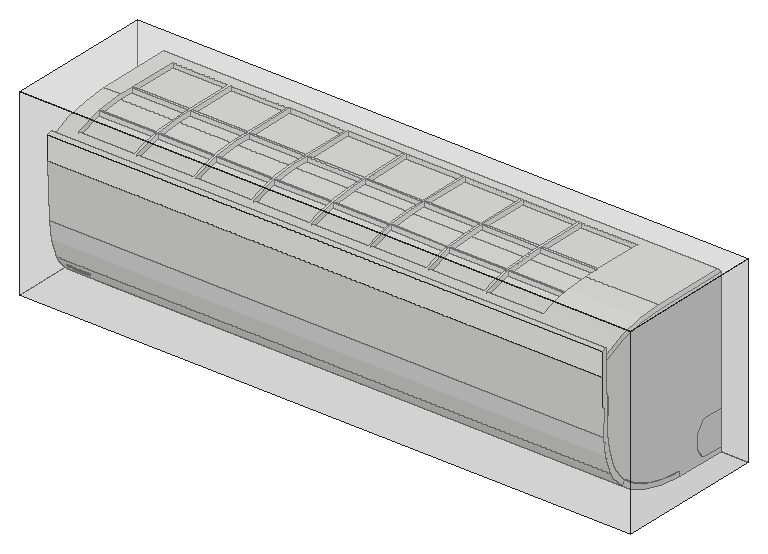
Revit family "outputfile", category 機械設備, Revit 2024
Family settings
  丸型コネクタ寸法 = 半径を使用
  パーツ タイプ = 標準
  OmniClass 番号 = 23.75.10.24.21.27.27
  OmniClass タイトル = Split System Air Conditioning Units
  作業面ベース = いいえ
  常に垂直 = はい
  ロード時にボイドで切り取り = いいえ
  注釈の向きを維持 = いいえ
  共有 = いいえ
  部屋計算ポイント = いいえ
Parameters (values of type "CTXF50TVMA")
  Description = ""
  書き出し IFC クラス(タイプ) = "IfcUnitaryEquipmentType"
  定義済み IFC タイプ(タイプ) = "AIRCONDITIONINGUNIT"
  Cost = 0
  Type Comments = ""
  Keynote = ""
  Type Image = (empty or 0)
  Assembly Code = ""
  w_wall hole = if(Width = 770.0 mm, 48.0 mm, 60.0 mm)  # 60.0 mm
  製造元 = "Daikin"
  モデル = "CTXF50TVMA"
  switch_frequency = yes
  r_Liquid Pipe Size = Liquid Pipe Size / 2  # 3.2 mm
  r_Gas Pipe Size = Gas Pipe Size / 2  # 6.35 mm
  r_Drain Pipe Size = Drain Pipe Size / 2  # 8.0 mm
  lw_powersupply [instance] = if(Width = 770.0 mm, if(or(Rear Right Connection_refrigerant, Bottom Right Connection_refrigerant), 25.0 mm, if(or(Rear Left Connection_refrigerant, Bottom Left Connection_refrigerant), 745.0 mm, 400.0 mm)), if(Width = 990.0 mm, if(or(Rear Right Connection_refrigerant, Bottom Right Connection_refrigerant), 40.0 mm, if(or(Rear Left Connection_refrigerant, Bottom Left Connection_refrigerant), 920.0 mm, 400.0 mm)), if(or(Rear Right Connection_refrigerant, Bottom Right Connection_refrigerant), 40.0 mm, if(or(Rear Left Connection_refrigerant, Bottom Left Connection_refrigerant), 920.0 mm, 400.0 mm))))  # 400.0 mm
  lw_liquidpipe [instance] = if(Width = 770.0 mm, if(or(Rear Right Connection_refrigerant, Bottom Right Connection_refrigerant), 0.0 mm, if(or(Rear Left Connection_refrigerant, Bottom Left Connection_refrigerant), 664.0 mm, 385.0 mm)), if(Width = 990.0 mm, if(or(Rear Right Connection_refrigerant, Bottom Right Connection_refrigerant), 0.0 mm, if(or(Rear Left Connection_refrigerant, Bottom Left Connection_refrigerant), 664.0 mm + (990.0 mm - 770.0 mm), 475.0 mm)), if(or(Rear Right Connection_refrigerant, Bottom Right Connection_refrigerant), 0.0 mm, if(or(Rear Left Connection_refrigerant, Bottom Left Connection_refrigerant), 664.0 mm + (990.0 mm - 770.0 mm), 475.0 mm))))  # 475.0 mm
  lw_gaspipe [instance] = if(Width = 770.0 mm, if(or(Rear Right Connection_refrigerant, Bottom Right Connection_refrigerant), 0.0 mm, if(or(Rear Left Connection_refrigerant, Bottom Left Connection_refrigerant), 675.0 mm, if(Gas Pipe Size = 12.7 mm, 335.0 mm, 335.0 mm))), if(Width = 990.0 mm, if(or(Rear Right Connection_refrigerant, Bottom Right Connection_refrigerant), 10.0 mm, if(or(Rear Left Connection_refrigerant, Bottom Left Connection_refrigerant), 890.0 mm, if(Gas Pipe Size = 15.9 mm, 400.0 mm, 400.0 mm))), if(or(Rear Right Connection_refrigerant, Bottom Right Connection_refrigerant), 10.0 mm, if(or(Rear Left Connection_refrigerant, Bottom Left Connection_refrigerant), 890.0 mm, if(Gas Pipe Size = 15.9 mm, 400.0 mm, 400.0 mm)))))  # 400.0 mm
  lw_drainpipe [instance] = if(Width = 770.0 mm, if(or(Rear Right Connection_refrigerant, Bottom Right Connection_refrigerant), 0.0 mm, if(or(Rear Left Connection_refrigerant, Bottom Left Connection_refrigerant), 770.0 mm - 48.0 mm - 48.0 mm, 440.0 mm)), if(Width = 990.0 mm, if(or(Rear Right Connection_refrigerant, Bottom Right Connection_refrigerant), 0.0 mm, if(or(Rear Left Connection_refrigerant, Bottom Left Connection_refrigerant), 675.0 mm + (990.0 mm - 770.0 mm), 435.0 mm)), if(or(Rear Right Connection_refrigerant, Bottom Right Connection_refrigerant), 0.0 mm, if(or(Rear Left Connection_refrigerant, Bottom Left Connection_refrigerant), 675.0 mm + (990.0 mm - 770.0 mm), 435.0 mm))))  # 435.0 mm
  l_powersupply_length [instance] = if(Width = 770.0 mm, if(Right Connection_refrigerant, 400.0 mm, if(Left Connection_refrigerant, 770.0 mm - 400.0 mm, if(or(Rear Left Connection_refrigerant, Rear Right Connection_refrigerant), 15.0 mm, 50.0 mm))), if(Width = 990.0 mm, if(Right Connection_refrigerant, 400.0 mm, if(Left Connection_refrigerant, 990.0 mm - 400.0 mm, if(or(Rear Left Connection_refrigerant, Rear Right Connection_refrigerant), 15.0 mm, 50.0 mm))), if(Right Connection_refrigerant, 400.0 mm, if(Left Connection_refrigerant, 990.0 mm - 400.0 mm, if(or(Rear Left Connection_refrigerant, Rear Right Connection_refrigerant), 15.0 mm, 50.0 mm)))))  # 400.0 mm
  l_liquidpipe_length [instance] = if(Width = 770.0 mm, if(Right Connection_refrigerant, 433.0 mm, if(Left Connection_refrigerant, 337.0 mm, if(or(Rear Left Connection_refrigerant, Rear Right Connection_refrigerant), 30.0 mm, 40.0 mm))), if(Width = 990.0 mm, if(Right Connection_refrigerant, 535.0 mm, if(Left Connection_refrigerant, 455.0 mm, if(or(Rear Left Connection_refrigerant, Rear Right Connection_refrigerant), 30.0 mm, 40.0 mm))), if(Right Connection_refrigerant, 535.0 mm, if(Left Connection_refrigerant, 455.0 mm, if(or(Rear Left Connection_refrigerant, Rear Right Connection_refrigerant), 30.0 mm, 40.0 mm)))))  # 535.0 mm
  l_gaspipe_length [instance] = if(Width = 770.0 mm, if(Right Connection_refrigerant, if(Gas Pipe Size = 12.7 mm, 383.0 mm, 383.0 mm), if(Left Connection_refrigerant, if(Gas Pipe Size = 12.7 mm, 770.0 mm - 383.0 mm, 770.0 mm - 383.0 mm), if(or(Rear Left Connection_refrigerant, Rear Right Connection_refrigerant), 40.0 mm, 50.0 mm))), if(Width = 990.0 mm, if(Right Connection_refrigerant, if(Gas Pipe Size = 15.9 mm, 460.0 mm, 460.0 mm), if(Left Connection_refrigerant, if(Gas Pipe Size = 15.9 mm, 990.0 mm - 460.0 mm, 990.0 mm - 460.0 mm), if(or(Rear Left Connection_refrigerant, Rear Right Connection_refrigerant), 40.0 mm, 50.0 mm))), if(Right Connection_refrigerant, if(Gas Pipe Size = 15.9 mm, 460.0 mm, 460.0 mm), if(Left Connection_refrigerant, if(Gas Pipe Size = 15.9 mm, 990.0 mm - 460.0 mm, 990.0 mm - 460.0 mm), if(or(Rear Left Connection_refrigerant, Rear Right Connection_refrigerant), 40.0 mm, 50.0 mm)))))  # 460.0 mm
  l_drainpipe_length [instance] = if(Width = 770.0 mm, if(Right Connection_refrigerant, 488.0 mm, if(Left Connection_refrigerant, 282.0 mm, if(or(Rear Left Connection_refrigerant, Rear Right Connection_refrigerant), 15.0 mm, 20.0 mm))), if(Width = 990.0 mm, if(Right Connection_refrigerant, 495.0 mm, if(Left Connection_refrigerant, 495.0 mm, if(or(Rear Left Connection_refrigerant, Rear Right Connection_refrigerant), 15.0 mm, 20.0 mm))), if(Right Connection_refrigerant, 495.0 mm, if(Left Connection_refrigerant, 495.0 mm, if(or(Rear Left Connection_refrigerant, Rear Right Connection_refrigerant), 15.0 mm, 20.0 mm)))))  # 495.0 mm
  h*** = 0.0 mm  # constant formula
  connector_voltage = Voltage_50Hz  # 230 V
  connector_powerinput = if([Power Input (Cooling)] > [Power Input (Heating)], [Power Input (Cooling)], [Power Input (Heating)])  # 0.000 kW
  connector_phase = Phase_50Hz  # 1
  angle_vertical [instance] = if(or(Bottom Left Connection_refrigerant, Bottom Right Connection_refrigerant), 0.00°, 90.00°)  # 90.00°
  angle_horizontal [instance] = if(Right Connection_refrigerant, 90.00°, if(Left Connection_refrigerant, -90.00°, if(or(Rear Left Connection_refrigerant, Rear Right Connection_refrigerant), 180.00°, 0.00°)))  # 90.00°
  Width = 990.0 mm
  Voltage_comment_50Hz = "220 - 240"
  Voltage_50Hz = 230 V
  Version = "ver.1.0"
  Unit Type = "Wall Mounted"
  Unit Mass Weight = 12.00 kg
  Unit Designation [instance] = ""
  Uniclass2015Version = "Products v1.30"
  Uniclass2015Title = "Split coil room air conditioning units"
  Uniclass2015Code = "Pr_70_65_03_86"
  URL = ""
  Total Heating Capacity [instance] = 0.000 kW
  Total Cooling Capacity [instance] = 0.000 kW
  Sound Pressure Level_M speed (dBA) = 40
  Sound Pressure Level_L speed (dBA) = 35
  Sound Pressure Level_H speed (dBA) = 45
  Sound Power Level_H speed (dB) = 0
  Series = "Multi Split_Fan Coil Unit"
  Sensible Cooling Capacity [instance] = 0.000 kW
  Refrigerant Type = "R32"
  Power Input (Heating) = 0.000 kW
  Power Input (Cooling) = 0.000 kW
  Phase_50Hz = 1
  Option Accessory 3 [instance] = ""
  Option Accessory 2 [instance] = ""
  Option Accessory 1 [instance] = ""
  Nominal Heating Capacity = 6.100 kW
  Nominal Cooling Capacity = 5.000 kW
  Minimum Circuit Amps_50Hz = 0.0 A
  Minimum Airflow = 720.00 m³/h
  Median Airflow = 924.00 m³/h
  Maximum Fuse Amps_50Hz = 0.0 A
  Maximum Airflow = 1120.00 m³/h
  Material_Casing = DAIKIN_PureWhite_Casing_indoorunit
  Load Classification = HVAC
  Liquid Pipe Size = 6.4 mm
  Link_Nested Family [instance] = ""
  IfcVersion = ""
  IfcExportType = "AIRCONDITIONINGUNIT"
  IfcExportAs = "IfcUnitaryEquipmentType"
  Height = 295.0 mm
  Heating Entering Wet Bulb Temperature [instance] = 0.00 °C
  Heating Entering Dry Bulb Temperature [instance] = 0.00 °C
  Heating Ambient Wet Bulb Temperature [instance] = 0.00 °C
  Heating Ambient Dry Bulb Temperature [instance] = 0.00 °C
  Heat Exchanger Type = "Cross Fin Coil"
  Gas Pipe Size = 12.7 mm
  Frequency_50Hz = 50 Hz
  Fan Type = "Cross Flow Fan"
  Fan Drive = "Direct Drive"
  FCU Tag No. [instance] = ""
  Drain Pipe Size = 16.0 mm
  Design Supply Airflow [instance] = 0.00 m³/h
  Depth = 263.0 mm
  既定の高さ = 0.0 mm
  Cooling Entering Wet Bulb Temperature [instance] = 0.00 °C
  Cooling Entering Dry Bulb Temperature [instance] = 0.00 °C
  Cooling Ambient Wet Bulb Temperature [instance] = 0.00 °C
  Cooling Ambient Dry Bulb Temperature [instance] = 0.00 °C
  Clearance visibility [instance] = yes
  Clearance Top = 30.0 mm
  Clearance Right = 50.0 mm
  Clearance Rear = 0.0 mm
  Clearance Left = 50.0 mm
  Clearance Front = 0.0 mm
  Clearance Bottom = 0.0 mm
  Bottom Right Connection_refrigerant [instance] = no
  Bottom Left Connection_refrigerant [instance] = no
  Rear Right Connection_refrigerant [instance] = no
  Rear Left Connection_refrigerant [instance] = no
  Right Connection_refrigerant [instance] = yes
  Left Connection_refrigerant [instance] = no
Reference planes
  plane 1 "Back": y = 0
  plane 2: z = 0
  plane 3 "Center (Left/Right)": x = 0
  plane 4 "Center (Front/Back)": y = -131.5
  plane 5 "Front": y = -263
  plane 6 "Left": x = -495
  plane 7 "Right": x = 495
  plane 8 "Top": z = 0
  plane 9 "Bottom": z = -295
  plane 10: x = -545
  plane 11: x = 545
  plane 12: y = 0
  plane 13: y = -263
  plane 14: z = 30
  plane 15: z = -295
  plane 16 "lw_Piping and Wiring intake": x = 435
  plane 17 "lw_gaspipe": x = 35
  plane 18 "lw_liquidpipe": x = -40
  plane 19 "lw_drainpipe": x = 0
  plane 20 "lh_drainpipe": z = -275
  plane 21 "lh_liquidpipe": z = -255
  plane 22 "lh_gaspipe": z = -245
  plane 23 "ld_drainpipe": y = -15
  plane 24 "ld_liquidpipe": y = -30
  plane 25 "ld_gaspipe": y = -40
  plane 26 "lw_powersupply": x = 95
Dimensions and locks
  equal spacing: plane 6 "Left", plane 3 "Center (Left/Right)", plane 7 "Right"
  "Width": plane 6 "Left" to plane 7 "Right"
  equal spacing: plane 5 "Front", plane 4 "Center (Front/Back)", plane 1 "Back"
  "Depth": plane 5 "Front" to plane 1 "Back"
  "Height": plane 8 "Top" to plane 9 "Bottom"
  "Clearance Rear": plane 12 to plane 1 "Back"
  "Clearance Front": plane 13 to plane 5 "Front"
  "Clearance Top": plane 14 to plane 8 "Top"
  "Clearance Bottom": plane 9 "Bottom" to plane 15
  "w_wall hole": plane 16 "lw_Piping and Wiring intake" to plane 7 "Right"
  "lw_gaspipe": plane 17 "lw_gaspipe" to plane 16 "lw_Piping and Wiring intake"
  "lw_liquidpipe": plane 18 "lw_liquidpipe" to plane 16 "lw_Piping and Wiring intake"
  "lw_drainpipe": plane 19 "lw_drainpipe" to plane 16 "lw_Piping and Wiring intake"
  locked: plane 20 "lh_drainpipe" to plane 9 "Bottom" at 20
  locked: plane 21 "lh_liquidpipe" to plane 9 "Bottom" at 40
  locked: plane 22 "lh_gaspipe" to plane 9 "Bottom" at 50
  locked: plane 23 "ld_drainpipe" to plane 1 "Back" at 15
  locked: plane 1 "Back" to plane 24 "ld_liquidpipe" at 30
  locked: plane 1 "Back" to plane 25 "ld_gaspipe" at 40
  "lw_powersupply": plane 26 "lw_powersupply" to plane 7 "Right"
  "Clearance Left": plane 10 to plane 6 "Left"
  "Clearance Right": plane 7 "Right" to plane 11
  aligned and locked: level to plane 2
  aligned and locked: plane 12 to nested 1
  aligned and locked: nested 1 to plane 13
  aligned and locked: plane 10 to nested 1
  aligned and locked: plane 11 to nested 1
  aligned and locked: plane 15 to nested 1
  aligned and locked: plane 14 to nested 1
  aligned and locked: plane 17 "lw_gaspipe" to nested 2
  aligned and locked: nested 2 to plane 25 "ld_gaspipe"
  aligned and locked: plane 18 "lw_liquidpipe" to nested 3
  aligned and locked: nested 3 to plane 24 "ld_liquidpipe"
  aligned and locked: plane 19 "lw_drainpipe" to nested 4
  aligned and locked: nested 4 to plane 23 "ld_drainpipe"
  aligned and locked: nested 5 to plane 23 "ld_drainpipe"
  aligned and locked: plane 26 "lw_powersupply" to nested 5
  aligned and locked: level to plane 8 "Top"
  aligned and locked: plane 3 "Center (Left/Right)" to nested 6
  aligned and locked: plane 1 "Back" to nested 6
  aligned and locked: plane 8 "Top" to nested 6
Nested families
  nested 1: "daikin_clearancespace" at (0, -131.5, -132.381), show <- "Clearance visibility", visible <- "Clearance visibility", Link_Nested Family <- "Link_Nested Family", type "daikin_clearancespace"
    with width 1090.0 mm, show yes, height 325.0 mm, depth 263.0 mm, Link_Nested Family ""
  nested 2: "daikin_connector_rotate3" at (35, -40, -245), angle_vertical <- "angle_vertical", angle_horizontal <- "angle_horizontal", length <- "l_gaspipe_length", radius <- "r_Gas Pipe Size", type "daikin_connector_rotate3"
    with show no, radius 6.35 mm, length 460.0 mm, angle_vertical 90.00°, angle_horizontal 90.00°
  nested 3: "daikin_connector_rotate3" at (-40, -30, -255), angle_vertical <- "angle_vertical", angle_horizontal <- "angle_horizontal", radius <- "r_Liquid Pipe Size", length <- "l_liquidpipe_length", type "daikin_connector_rotate3"
    with show no, radius 3.2 mm, length 535.0 mm, angle_vertical 90.00°, angle_horizontal 90.00°
  nested 4: "daikin_connector_rotate3" at (0, -15, -275), angle_vertical <- "angle_vertical", angle_horizontal <- "angle_horizontal", length <- "l_drainpipe_length", radius <- "r_Drain Pipe Size", type "daikin_connector_rotate3"
    with show no, radius 8.0 mm, length 495.0 mm, angle_vertical 90.00°, angle_horizontal 90.00°
  nested 5: "daikin_connector_rotate3" at (95, -15, -245), angle_vertical <- "angle_vertical", angle_horizontal <- "angle_horizontal", length <- "l_powersupply_length", type "daikin_connector_rotate3"
    with show no, radius 10.0 mm, length 400.0 mm, angle_vertical 90.00°, angle_horizontal 90.00°
  nested 6: "DAIKIN_indoorunit_CTXF-TVMA" at (-31, 0, 0), type "CTXF-TVMA"
    with switch_unit1_50 yes, switch_unit1_20-35 no, Width 990.0 mm, WALL HOLE-R 60.0 mm, WALL HOLE Size 80.0 mm, Height 295.0 mm
Connectors
  piping at (495, -40, -245), diameter 12.7, driven by "r_Gas Pipe Size"
    settings: on nested 2, index 1, connector inside diameter 609.6 mm, connector length 0.0 mm, flow factor 0, pipe flow 0.00 m³/h, pressure drop 0.0 Pa, fitting loss kfactor 0, connector angle 0.00°, fixture units 0, engagement length 0.0 mm, angle of deflection 0.00°, flow configuration 1, flow direction 2, fitting loss method 0, system type 29, joint type 0, gender type 0, connector reference index -1, connector utility 0, adjustable connector no, is connector primary yes, connector description "Refrigerant Gas Piping"
  piping at (495, -30, -255), diameter 6.4, driven by "r_Liquid Pipe Size"
    settings: on nested 3, index 2, connector inside diameter 609.6 mm, connector length 0.0 mm, flow factor 0, pipe flow 0.00 m³/h, pressure drop 0.0 Pa, fitting loss kfactor 0, connector angle 0.00°, fixture units 0, engagement length 0.0 mm, angle of deflection 0.00°, flow configuration 1, flow direction 1, fitting loss method 0, system type 29, joint type 0, gender type 0, connector reference index -1, connector utility 0, adjustable connector no, is connector primary no, connector description "Refrigerant Liquid Piping"
  piping at (495, -15, -275), diameter 16, driven by "r_Drain Pipe Size"
    settings: on nested 4, index 3, connector inside diameter 609.6 mm, connector length 0.0 mm, flow factor 0, pipe flow 0.00 m³/h, pressure drop 0.0 Pa, fitting loss kfactor 0, connector angle 0.00°, fixture units 0, engagement length 0.0 mm, angle of deflection 0.00°, flow configuration 1, flow direction 2, fitting loss method 4, system type 16, joint type 0, gender type 0, connector reference index -1, connector utility 0, adjustable connector no, is connector primary no, connector description "Condensate Drain Piping"
  electrical at (495, -15, -245), driven by "Load Classification", driven by "connector_phase", driven by "connector_powerinput", driven by "connector_voltage"
    settings: on nested 5, index 4, voltage 230 V, apparent load 0 VA, apparent load phase1 0 VA, apparent load phase2 0 VA, apparent load phase3 0 VA, power factor 1, load classification "HVAC", number of poles 1, system type 30, power factor state 1, is connector primary yes, connector utility no, sub classification motor no, connector description "Power Supply"
Definition of nested family "daikin_clearancespace"
  Parameters (values of type "daikin_clearancespace")
    Description = "daikin_clearancespace"
    width [instance] = 1823.963 mm
    show [instance] = yes
    material = none
    height [instance] = 1359.762 mm
    depth [instance] = 880.0 mm
    Default Elevation = 0.0 mm
    Link_Nested Family [instance] = ""
  Reference planes
    plane 1 "Center (Front/Back)": y = 0
    plane 2 "Center (Elevation)": z = -0.119
    plane 3 "Center (Left/Right)": x = 0
    plane 4: y = 440
    plane 5: y = -440
    plane 6 "Right": x = 911.982
    plane 7 "Left": x = -911.982
    plane 8 "Top": z = 679.762
    plane 9 "Bottom": z = -680
  Forms (mm)
    Extrusion 1, solid, material <- "material", visible <- "show"
      sketch origin (0, 0, 0) x (1, 0, 0) y (0, 1, 0)
        loop
          line (-911.982, 440) -> (-911.982, -440) -> (911.982, -440) -> (911.982, 440) -> (-911.982, 440)
      from -680 to 679.762
  Lines and regions (mm)
    symbolic lines, visible <- "show"
      curve 1: line (911.982, 440, 0) -> (-911.982, 440, 0)
      curve 2: line (-911.982, 440, 0) -> (-911.982, -440, 0)
      curve 3: line (-911.982, -440, 0) -> (911.982, -440, 0)
      curve 4: line (911.982, -440, 0) -> (911.982, 440, 0)
      curve 5: line (911.982, 0, 679.762) -> (-911.982, 0, 679.762)
      curve 6: line (911.982, 0, -680) -> (911.982, 0, 679.762)
      curve 7: line (-911.982, 0, -680) -> (911.982, 0, -680)
      curve 8: line (-911.982, 0, 679.762) -> (-911.982, 0, -680)
      curve 9: line (0, 440, 679.762) -> (0, -440, 679.762)
      curve 10: line (0, -440, 679.762) -> (0, -440, -680)
      curve 11: line (0, 440, -680) -> (0, 440, 679.762)
      curve 12: line (0, -440, -680) -> (0, 440, -680)
  Dimensions and locks
    "width": plane 7 "Left" to plane 6 "Right"
    "depth": plane 4 to plane 5
    "height": plane 8 "Top" to plane 9 "Bottom"
    equal spacing: plane 7 "Left", plane 3 "Center (Left/Right)", plane 6 "Right"
    equal spacing: plane 4, plane 1 "Center (Front/Back)", plane 5
    equal spacing: plane 8 "Top", plane 2 "Center (Elevation)", plane 9 "Bottom"
    aligned and locked: level to plane 2 "Center (Elevation)"
    aligned and locked: Extrusion 1 sketch curve to plane 4
    aligned and locked: plane 7 "Left" to Extrusion 1 sketch curve
    aligned and locked: Extrusion 1 sketch curve to plane 5
    aligned and locked: Extrusion 1 sketch curve to plane 6 "Right"
    aligned and locked: plane 8 "Top" to Extrusion 1
    aligned and locked: curve 1 to Extrusion 1
    aligned and locked: curve 2 to Extrusion 1
    aligned and locked: curve 3 to Extrusion 1
    aligned and locked: curve 4 to Extrusion 1
    aligned and locked: curve 5 to Extrusion 1
    aligned and locked: curve 6 to Extrusion 1
    aligned and locked: curve 7 to Extrusion 1
    aligned and locked: curve 8 to Extrusion 1
    aligned and locked: curve 9 to Extrusion 1
    aligned and locked: curve 10 to Extrusion 1
    aligned and locked: curve 11 to Extrusion 1
    aligned and locked: curve 12 to Extrusion 1
    aligned and locked: Extrusion 1 to plane 9 "Bottom"
Definition of nested family "DAIKIN_indoorunit_CTXF-TVMA"
  Parameters (values of type "CTXF-TVMA")
    switch_unit1_50 = Width = 990.0 mm  # no
    switch_unit1_20-35 = Width = 770.0 mm  # yes
    Width = 770.0 mm
    WALL HOLE-R = if(Width = 770.0 mm, 48.0 mm, 60.0 mm)  # 48.0 mm
    WALL HOLE Size = if(Width = 770.0 mm, 65.0 mm, 80.0 mm)  # 65.0 mm
    Material_Casing = none
    Height = if(Width = 770.0 mm, 285.0 mm, 295.0 mm)  # 285.0 mm
    Default Elevation = 0.0 mm
  Reference planes
    plane 1 "Center (Front/Back)": y = 0
    plane 2 "reference_level": z = 0
    plane 3 "Center (Left/Right)": x = 31
    plane 4: x = -354
    plane 5: x = 416
    plane 6: z = -285
  Forms (mm)
    Extrusion 1, solid, material <- "Material_Casing", visible <- "switch_unit1_20-35"
      sketch origin (29, 0, 0) x (0, 1, 0) y (0, 0, 1)
        loop
          line (-5, 0) -> (-98, 0)
          arc (-98, 0) -> (-157.611, -7.211) -> (-213.783, -28.427) r 250
          arc (-213.783, -28.427) -> (-213.842, -32.972) -> (-213.892, -37.516) r 2191
          arc (-213.892, -37.516) -> (-157.832, -15.495) -> (-98.07, -8) r 242
          line (-98.07, -8) -> (0, -8) -> (-5, 0)
      from -383 to 387
    Extrusion 2, solid, material <- "Material_Casing", visible <- "switch_unit1_20-35"
      sketch origin (416, 1296.25, 1200) x (0, 1, 0) y (0, 0, 1)
        loop
          line (-1472.998, -1446.91) -> (-1476.998, -1453.839)
          arc (-1476.998, -1453.839) -> (-1437.481, -1472.422) -> (-1395.25, -1483.538) r 240
          line (-1395.25, -1483.538) -> (-1395.25, -1475.422)
          arc (-1395.25, -1475.422) -> (-1435.407, -1464.663) -> (-1472.998, -1446.91) r 232
      from 0 to -47.5
    Extrusion 3, solid, material <- "Material_Casing", visible <- "switch_unit1_20-35"
      sketch origin (29, 0, 0) x (0, 1, 0) y (0, 0, 1)
        loop
          arc (-223, -60.455) -> (-222.414, -110.646) -> (-220.656, -160.81) r 2149.92
          arc (-220.656, -160.81) -> (-219.65, -174.299) -> (-217.853, -187.706) r 229.911
          arc (-217.853, -187.706) -> (-205.371, -223.594) -> (-181.517, -253.17) r 111
          line (-181.517, -253.17) -> (-177.429, -246.093)
          arc (-177.429, -246.093) -> (-198.77, -218.989) -> (-209.965, -186.36) r 103
          arc (-209.965, -186.36) -> (-211.681, -173.586) -> (-212.651, -160.735) r 221.844
          arc (-212.651, -160.735) -> (-214.739, -93.233) -> (-214.74, -25.699) r 2186.828
          arc (-214.74, -25.699) -> (-214.671, -21.467) -> (-214.594, -17.235) r 2192
          line (-214.594, -17.235) -> (-223, -19.961) -> (-223, -60.455)
      from -383 to 387
    Extrusion 4, solid, material <- "Material_Casing", visible <- "switch_unit1_20-35"
      sketch origin (29, 0, -20) x (0, 1, 0) y (0, 0, 1)
        loop
          line (0, -265) -> (0, 12) -> (-98.07, 12)
          arc (-98.07, 12) -> (-157.832, 4.505) -> (-213.892, -17.516) r 242
          arc (-213.892, -17.516) -> (-213.638, -79.114) -> (-211.653, -140.681) r 2191
          arc (-211.653, -140.681) -> (-210.685, -153.501) -> (-208.973, -166.243) r 221
          arc (-208.973, -166.243) -> (-197.471, -199.282) -> (-175.482, -226.491) r 102
          arc (-175.482, -226.491) -> (-138.004, -244.019) -> (-98, -254.579) r 231
          line (-98, -254.579) -> (-98, -265) -> (0, -265)
      from -383 to 387
    Extrusion 5, solid, material <- "Material_Casing", visible <- "switch_unit1_20-35"
      sketch origin (-354, 1296.25, 1200) x (0, 1, 0) y (0, 0, 1)
        loop
          line (-1472.998, -1446.91) -> (-1476.998, -1453.839)
          arc (-1476.998, -1453.839) -> (-1437.481, -1472.422) -> (-1395.25, -1483.538) r 240
          line (-1395.25, -1483.538) -> (-1395.25, -1475.422)
          arc (-1395.25, -1475.422) -> (-1435.407, -1464.663) -> (-1472.998, -1446.91) r 232
      from 47 to 0
    Extrusion 6, solid, material <- "Material_Casing", visible <- "switch_unit1_20-35"
      sketch origin (416, 1296.25, 1200) x (0, 1, 0) y (0, 0, 1)
        loop
          line (-1472.998, -1446.91) -> (-1476.998, -1453.839)
          arc (-1476.998, -1453.839) -> (-1443.437, -1470.168) -> (-1407.75, -1481.097) r 240
          line (-1407.75, -1481.097) -> (-1407.75, -1472.894)
          arc (-1407.75, -1472.894) -> (-1441.363, -1462.385) -> (-1472.998, -1446.91) r 232
      from -116.993 to -48.493
    Extrusion 7, solid, material <- "Material_Casing", visible <- "switch_unit1_20-35"
      sketch origin (416, 1296.25, 1200) x (0, 1, 0) y (0, 0, 1)
        loop
          line (-1472.998, -1446.91) -> (-1476.998, -1453.839)
          arc (-1476.998, -1453.839) -> (-1443.437, -1470.168) -> (-1407.75, -1481.097) r 240
          line (-1407.75, -1481.097) -> (-1407.75, -1472.894)
          arc (-1407.75, -1472.894) -> (-1441.363, -1462.385) -> (-1472.998, -1446.91) r 232
      from -717 to -121.993
    Extrusion 8, void
      sketch origin (31, 0, -235) x (1, 0, 0) y (0, 1, 0)
        loop
          line (-252.674, -22.316) -> (-354.941, -22.316) -> (-354.941, -91.341) -> (-252.674, -91.341) -> (-252.674, -22.316)
        loop
          line (-249.341, -91.341) -> (-151.574, -91.341) -> (-151.574, -22.316) -> (-249.341, -22.316) -> (-249.341, -91.341)
        loop
          line (58.309, -22.316) -> (-148.309, -22.316) -> (-148.309, -91.341) -> (58.309, -91.341) -> (58.309, -22.316)
        loop
          line (61.689, -22.316) -> (61.689, -91.341) -> (159.457, -91.341) -> (159.457, -22.316) -> (61.689, -22.316)
        loop
          line (162.789, -22.316) -> (162.789, -91.341) -> (265.057, -91.341) -> (265.057, -22.316) -> (162.789, -22.316)
        loop
          line (-354.941, -94.659) -> (-354.941, -165.259) -> (-252.674, -165.259) -> (-252.674, -94.659) -> (-354.941, -94.659)
        loop
          line (-249.341, -94.659) -> (-249.341, -165.259) -> (-151.574, -165.259) -> (-151.574, -94.659) -> (-249.341, -94.659)
        loop
          line (-148.309, -94.659) -> (-148.309, -165.259) -> (58.309, -165.259) -> (58.309, -94.659) -> (-148.309, -94.659)
        loop
          line (61.689, -94.659) -> (61.689, -165.259) -> (159.457, -165.259) -> (159.457, -94.659) -> (61.689, -94.659)
        loop
          line (162.789, -94.659) -> (162.789, -165.259) -> (265.057, -165.259) -> (265.057, -94.659) -> (162.789, -94.659)
        loop
          line (-354.941, -167.382) -> (-354.941, -192.681) -> (-252.674, -192.681) -> (-252.674, -167.382) -> (-354.941, -167.382)
        loop
          line (-249.341, -167.382) -> (-249.341, -192.681) -> (-151.574, -192.681) -> (-151.574, -167.382) -> (-249.341, -167.382)
        loop
          line (-148.309, -167.382) -> (-148.309, -192.681) -> (58.309, -192.681) -> (58.309, -167.382) -> (-148.309, -167.382)
        loop
          line (159.457, -167.382) -> (61.689, -167.382) -> (61.689, -192.681) -> (159.457, -192.681) -> (159.457, -167.382)
        loop
          line (265.057, -167.382) -> (162.789, -167.382) -> (162.789, -192.681) -> (265.057, -192.681) -> (265.057, -167.382)
      from 201.638 to 250
    Extrusion 9, solid, material <- "Material_Casing"
      sketch origin (31, 0, 0) x (1, 0, 0) y (0, 0, 1)
        loop
          circle (337, -240.5) r 32.5
        loop
          circle (-337, -240.5) r 32.5
      from 0 to 5
    Extrusion 10, solid, material <- "Material_Casing", visible <- "switch_unit1_20-35"
      sketch origin (416, 1296.25, 1200) x (0, -1, 0) y (0, 0, 1)
        loop
          line (1326.25, -1417) -> (1296.25, -1417) -> (1296.25, -1477) -> (1326.25, -1477)
          arc (1326.25, -1477) -> (1340.393, -1471.142) -> (1346.25, -1457) r 20
          line (1346.25, -1457) -> (1346.25, -1437)
          arc (1346.25, -1437) -> (1340.393, -1422.858) -> (1326.25, -1417) r 20
      from 0 to 5
    Extrusion 11, solid, material <- "Material_Casing", visible <- "switch_unit1_20-35"
      sketch origin (-354, 1296.25, 1200) x (0, 1, 0) y (0, 0, 1)
        loop
          line (-1296.25, -1417) -> (-1326.25, -1417)
          arc (-1326.25, -1417) -> (-1340.393, -1422.858) -> (-1346.25, -1437) r 20
          line (-1346.25, -1437) -> (-1346.25, -1457)
          arc (-1346.25, -1457) -> (-1340.393, -1471.142) -> (-1326.25, -1477) r 20
          line (-1326.25, -1477) -> (-1296.25, -1477) -> (-1296.25, -1417)
      from 0 to 5
    Extrusion 12, solid, material <- "Material_Casing", visible <- "switch_unit1_20-35"
      sketch origin (31, 0, -285) x (-1, 0, 0) y (0, -1, 0)
        loop
          line (-314, 0) -> (-314, 30)
          arc (-314, 30) -> (-319.858, 44.142) -> (-334, 50) r 20
          line (-334, 50) -> (-354, 50)
          arc (-354, 50) -> (-368.142, 44.142) -> (-374, 30) r 20
          line (-374, 30) -> (-374, 0) -> (-314, 0)
        loop
          line (374, 0) -> (374, 30)
          arc (374, 30) -> (368.142, 44.142) -> (354, 50) r 20
          line (354, 50) -> (334, 50)
          arc (334, 50) -> (319.858, 44.142) -> (314, 30) r 20
          line (314, 30) -> (314, 0) -> (374, 0)
      from 0 to 5
    Extrusion 13, solid, material <- "Material_Casing", visible <- "switch_unit1_50"
      sketch origin (31, 0, 0) x (0, 1, 0) y (0, 0, 1)
        loop
          line (-5, 0) -> (-138, 0)
          arc (-138, 0) -> (-197.611, -7.211) -> (-253.783, -28.427) r 250
          arc (-253.783, -28.427) -> (-253.838, -32.687) -> (-253.886, -36.946) r 2191
          arc (-253.886, -36.946) -> (-197.73, -15.346) -> (-138.014, -8) r 246.393
          line (-138.014, -8) -> (0, -8) -> (-5, 0)
      from -495 to 495
    Extrusion 14, solid, material <- "Material_Casing", visible <- "switch_unit1_50"
      sketch origin (418, 1296.25, 1200) x (0, 1, 0) y (0, 0, 1)
        loop
          arc (-1515.208, -1454.149) -> (-1506.856, -1460.599) -> (-1497.925, -1466.219) r 110
          arc (-1497.925, -1466.219) -> (-1445.718, -1487.493) -> (-1389.844, -1494.995) r 223
          line (-1389.844, -1494.995) -> (-1389.844, -1486.086) -> (-1404.386, -1486.086)
          arc (-1404.386, -1486.086) -> (-1449.542, -1477.46) -> (-1491.818, -1459.402) r 214.289
          arc (-1491.818, -1459.402) -> (-1501.056, -1453.541) -> (-1509.606, -1446.715) r 101
          line (-1509.606, -1446.715) -> (-1515.208, -1454.149)
      from 108 to 57.5
    Extrusion 15, solid, material <- "Material_Casing", visible <- "switch_unit1_50"
      sketch origin (31, 0, 0) x (0, 1, 0) y (0, 0, 1)
        loop
          line (-263, -19.962) -> (-263, -61.6)
          arc (-263, -61.6) -> (-262.414, -110.219) -> (-260.656, -158.81) r 2017.341
          arc (-260.656, -158.81) -> (-255.648, -191.935) -> (-244.041, -223.362) r 164.725
          arc (-244.041, -223.362) -> (-233.569, -239.793) -> (-219.717, -253.495) r 87.379
          line (-219.717, -253.495) -> (-214.706, -246.846)
          arc (-214.706, -246.846) -> (-229.564, -230.029) -> (-240.385, -210.371) r 102
          arc (-240.385, -210.371) -> (-249.049, -182.962) -> (-252.848, -154.467) r 165.789
          arc (-252.848, -154.467) -> (-254.771, -90.102) -> (-254.74, -25.708) r 2122.533
          arc (-254.74, -25.708) -> (-254.671, -21.469) -> (-254.594, -17.23) r 2192
          line (-254.594, -17.23) -> (-263, -19.962)
      from -495 to 495
    Extrusion 16, void
      sketch origin (33, 0, 0) x (1, 0, 0) y (0, 1, 0)
        loop
          line (-466.909, -22.316) -> (-466.909, -111.341) -> (-366.303, -111.341) -> (-366.303, -22.316) -> (-466.909, -22.316)
        loop
          line (-362.71, -22.316) -> (-362.71, -111.341) -> (-262.103, -111.341) -> (-262.103, -22.316) -> (-362.71, -22.316)
        loop
          line (-258.51, -22.316) -> (-258.51, -111.341) -> (-157.904, -111.341) -> (-157.904, -22.316) -> (-258.51, -22.316)
        loop
          line (-154.31, -22.316) -> (-154.31, -111.341) -> (-53.704, -111.341) -> (-53.704, -22.316) -> (-154.31, -22.316)
        loop
          line (-50.11, -22.316) -> (-50.11, -111.341) -> (50.496, -111.341) -> (50.496, -22.316) -> (-50.11, -22.316)
        loop
          line (54.089, -22.316) -> (54.089, -111.341) -> (154.696, -111.341) -> (154.696, -22.316) -> (54.089, -22.316)
        loop
          line (158.289, -22.316) -> (158.289, -111.341) -> (258.895, -111.341) -> (258.895, -22.316) -> (158.289, -22.316)
        loop
          line (262.489, -22.316) -> (262.489, -111.341) -> (363.095, -111.341) -> (363.095, -22.316) -> (262.489, -22.316)
        loop
          line (-466.909, -114.459) -> (-466.909, -185.059) -> (-366.303, -185.059) -> (-366.303, -114.459) -> (-466.909, -114.459)
        loop
          line (-362.71, -114.459) -> (-362.71, -185.059) -> (-262.103, -185.059) -> (-262.103, -114.459) -> (-362.71, -114.459)
        loop
          line (-258.51, -114.459) -> (-258.51, -185.059) -> (-157.904, -185.059) -> (-157.904, -114.459) -> (-258.51, -114.459)
        loop
          line (-154.31, -114.459) -> (-154.31, -185.059) -> (-53.704, -185.059) -> (-53.704, -114.459) -> (-154.31, -114.459)
        loop
          line (-50.11, -114.459) -> (-50.11, -185.059) -> (50.496, -185.059) -> (50.496, -114.459) -> (-50.11, -114.459)
        loop
          line (54.089, -114.459) -> (54.089, -185.059) -> (154.696, -185.059) -> (154.696, -114.459) -> (54.089, -114.459)
        loop
          line (158.289, -114.459) -> (158.289, -185.059) -> (258.895, -185.059) -> (258.895, -114.459) -> (158.289, -114.459)
        loop
          line (262.489, -114.459) -> (262.489, -185.059) -> (363.095, -185.059) -> (363.095, -114.459) -> (262.489, -114.459)
        loop
          line (-466.909, -187.382) -> (-466.909, -232.681) -> (-366.303, -232.681) -> (-366.303, -187.382) -> (-466.909, -187.382)
        loop
          line (-362.71, -187.382) -> (-362.71, -232.681) -> (-262.103, -232.681) -> (-262.103, -187.382) -> (-362.71, -187.382)
        loop
          line (-258.51, -187.382) -> (-258.51, -232.681) -> (-157.904, -232.681) -> (-157.904, -187.382) -> (-258.51, -187.382)
        loop
          line (-154.31, -187.382) -> (-154.31, -232.681) -> (-53.704, -232.681) -> (-53.704, -187.382) -> (-154.31, -187.382)
        loop
          line (-50.11, -187.382) -> (-50.11, -232.681) -> (50.496, -232.681) -> (50.496, -187.382) -> (-50.11, -187.382)
        loop
          line (54.089, -187.382) -> (54.089, -232.681) -> (154.696, -232.681) -> (154.696, -187.382) -> (54.089, -187.382)
        loop
          line (158.289, -187.382) -> (158.289, -232.681) -> (258.895, -232.681) -> (258.895, -187.382) -> (158.289, -187.382)
        loop
          line (262.489, -187.382) -> (262.489, -232.681) -> (363.095, -232.681) -> (363.095, -187.382) -> (262.489, -187.382)
      from -40.013 to 47.268
    Extrusion 17, solid, material <- "Material_Casing", visible <- "switch_unit1_50"
      sketch origin (-356, 1296.25, 1200) x (0, 1, 0) y (0, 0, -1)
        loop
          line (-1515.208, 1454.149) -> (-1509.606, 1446.715)
          arc (-1509.606, 1446.715) -> (-1501.056, 1453.541) -> (-1491.818, 1459.402) r 101
          arc (-1491.818, 1459.402) -> (-1449.542, 1477.46) -> (-1404.386, 1486.086) r 214.289
          line (-1404.386, 1486.086) -> (-1389.844, 1486.086) -> (-1389.844, 1494.995)
          arc (-1389.844, 1494.995) -> (-1445.718, 1487.493) -> (-1497.925, 1466.219) r 223
          arc (-1497.925, 1466.219) -> (-1506.856, 1460.599) -> (-1515.208, 1454.149) r 110
      from 108 to 61
    Extrusion 18, solid, material <- "Material_Casing", visible <- "switch_unit1_50"
      sketch origin (418, 1296.25, 1200) x (0, 1, 0) y (0, 0, 1)
        loop
          arc (-1515.208, -1454.149) -> (-1506.856, -1460.599) -> (-1497.925, -1466.219) r 110
          arc (-1497.925, -1466.219) -> (-1463.185, -1482.066) -> (-1426.25, -1491.755) r 223
          line (-1426.25, -1491.755) -> (-1426.25, -1483.166)
          arc (-1426.25, -1483.166) -> (-1460.008, -1473.969) -> (-1491.818, -1459.402) r 214.289
          arc (-1491.818, -1459.402) -> (-1501.056, -1453.541) -> (-1509.606, -1446.715) r 101
          line (-1509.606, -1446.715) -> (-1515.208, -1454.149)
      from 56.5 to -36.993
    Extrusion 19, solid, material <- "Material_Casing", visible <- "switch_unit1_50"
      sketch origin (418, 1296.25, 1200) x (0, 1, 0) y (0, 0, 1)
        loop
          arc (-1426.25, -1483.166) -> (-1443.442, -1479.224) -> (-1460.25, -1473.881) r 214.289
          line (-1460.25, -1473.881) -> (-1460.25, -1483.089)
          arc (-1460.25, -1483.089) -> (-1443.421, -1488.091) -> (-1426.25, -1491.755) r 223
          line (-1426.25, -1491.755) -> (-1426.25, -1483.166)
      from -43.493 to -828.893
    Extrusion 20, solid, material <- "Material_Casing", visible <- "switch_unit1_50"
      sketch origin (418, 1296.25, 1200) x (0, 1, 0) y (0, 0, 1)
        loop
          arc (-1515.208, -1454.149) -> (-1506.856, -1460.599) -> (-1497.925, -1466.219) r 110
          arc (-1497.925, -1466.219) -> (-1479.479, -1475.527) -> (-1460.25, -1483.089) r 223
          line (-1460.25, -1483.089) -> (-1460.25, -1473.881)
          arc (-1460.25, -1473.881) -> (-1476.328, -1467.282) -> (-1491.818, -1459.402) r 214.289
          arc (-1491.818, -1459.402) -> (-1501.056, -1453.541) -> (-1509.606, -1446.715) r 101
          line (-1509.606, -1446.715) -> (-1515.208, -1454.149)
      from -43.493 to -828.893
    Extrusion 21, solid, material <- "Material_Casing", visible <- "switch_unit1_50"
      sketch origin (31, 0, -30) x (0, 1, 0) y (0, 0, 1)
        loop
          line (0, 22) -> (-138.014, 22)
          arc (-138.014, 22) -> (-197.73, 14.654) -> (-253.886, -6.946) r 246.393
          arc (-253.886, -6.946) -> (-253.682, -65.635) -> (-251.855, -124.295) r 2120.935
          arc (-251.855, -124.295) -> (-248.086, -152.682) -> (-239.461, -179.988) r 164.789
          arc (-239.461, -179.988) -> (-228.903, -199.231) -> (-214.437, -215.738) r 101
          line (-214.437, -215.738) -> (-212.406, -216.221)
          arc (-212.406, -216.221) -> (-204.07, -222.837) -> (-195.079, -228.53) r 100
          arc (-195.079, -228.53) -> (-145.557, -248.629) -> (-92.593, -255.785) r 213.289
          line (-92.593, -255.785) -> (-92.593, -265) -> (0, -265) -> (0, 22)
      from -495 to 495
    Extrusion 22, solid, material <- "Material_Casing", visible <- "switch_unit1_50"
      sketch origin (526, 1296.25, 1200) x (0, -1, 0) y (0, 0, 1)
        loop
          line (1326.25, -1427.035) -> (1296.25, -1427.035) -> (1296.25, -1487.035) -> (1326.25, -1487.035)
          arc (1326.25, -1487.035) -> (1340.393, -1481.177) -> (1346.25, -1467.035) r 20
          line (1346.25, -1467.035) -> (1346.25, -1447.035)
          arc (1346.25, -1447.035) -> (1340.393, -1432.892) -> (1326.25, -1427.035) r 20
      from 0 to 5
    Extrusion 23, solid, material <- "Material_Casing", visible <- "switch_unit1_50"
      sketch origin (-459, 1296.25, 1200) x (0, -1, 0) y (0, 0, 1)
        loop
          line (1326.25, -1427.035) -> (1296.25, -1427.035) -> (1296.25, -1487.035) -> (1326.25, -1487.035)
          arc (1326.25, -1487.035) -> (1340.393, -1481.177) -> (1346.25, -1467.035) r 20
          line (1346.25, -1467.035) -> (1346.25, -1447.035)
          arc (1346.25, -1447.035) -> (1340.393, -1432.892) -> (1326.25, -1427.035) r 20
      from 0 to 5
    Extrusion 24, solid, material <- "Material_Casing", visible <- "switch_unit1_50"
      sketch origin (31, 200, -295) x (-1, 0, 0) y (0, -1, 0)
        loop
          line (469, 200) -> (469, 230)
          arc (469, 230) -> (463.142, 244.142) -> (449, 250) r 20
          line (449, 250) -> (429, 250)
          arc (429, 250) -> (414.858, 244.142) -> (409, 230) r 20
          line (409, 230) -> (409, 200) -> (469, 200)
        loop
          line (-469, 200) -> (-409, 200) -> (-409, 230)
          arc (-409, 230) -> (-414.858, 244.142) -> (-429, 250) r 20
          line (-429, 250) -> (-449, 250)
          arc (-449, 250) -> (-463.142, 244.142) -> (-469, 230) r 20
          line (-469, 230) -> (-469, 200)
      from 0 to 5
  Cuts and joins
    Extrusion 8 cuts Extrusion 1
    Extrusion 16 cuts Extrusion 13
  Lines and regions (mm)
    reference lines
      curve 1: line (-523, -201.911, -229.404) -> (-523, -193.542, -239.977)
      curve 2: line (-523, -240.779, -229.404) -> (-523, -232.411, -239.977)
  Dimensions and locks
    locked: Extrusion 10 sketch curve to Extrusion 10 sketch curve at 60
    locked: Extrusion 10 sketch curve to Extrusion 10 sketch curve at 50
    locked: Extrusion 12 sketch curve to Extrusion 12 sketch curve at 60  (x2)
    locked: Extrusion 12 sketch curve to Extrusion 12 sketch curve at 50
    equal spacing: plane 5, plane 3 "Center (Left/Right)", plane 4
    "Width": plane 5 to plane 4
    locked: Extrusion 9 sketch curve to plane 4 at 48
    "WALL HOLE-R": plane 5 to Extrusion 9 sketch curve
    "Height": plane 2 "reference_level" to plane 6
    locked: Extrusion 9 sketch curve to plane 6 at 44.5  (x2)
    locked: Extrusion 15 to nested 2 at 15
    locked: Extrusion 22 sketch curve to Extrusion 22 sketch curve at 60
    locked: Extrusion 22 sketch curve to Extrusion 22 sketch curve at 50
    locked: Extrusion 23 sketch curve to Extrusion 23 sketch curve at 60
    locked: Extrusion 23 sketch curve to Extrusion 23 sketch curve at 50
    locked: Extrusion 24 sketch curve to Extrusion 24 sketch curve at 60  (x2)
    locked: Extrusion 24 sketch curve to Extrusion 24 sketch curve at 50  (x2)
    "WALL HOLE Size": diameter of Extrusion 9 sketch curve  (x2)
    aligned and locked: level to plane 2 "reference_level"
    aligned and locked: nested 1 to curve 1
    aligned and locked: Extrusion 11 sketch curve to Extrusion 10  (x4)
    aligned and locked: Extrusion 12 sketch curve to Extrusion 12 sketch curve  (x2)
    aligned and locked: Extrusion 9 to plane 1 "Center (Front/Back)"
    aligned and locked: nested 2 to curve 2
  Automatic sketch dimensions
    curve 1 to level = 239.977 mm
    plane 1 "Center (Front/Back)" to curve 1 = 193.542 mm
    curve 2 to curve 1 = 0.0 mm
    curve 2 to curve 2 = 10.573 mm
    curve 1 to curve 1 = 10.573 mm
    curve 1 to curve 1 = 8.368 mm
    curve 1 to curve 2 = 30.5 mm
    curve 2 to curve 2 = 8.368 mm
    Extrusion 1 sketch curve to level = 0.0 mm
    Extrusion 1 sketch curve to plane 1 "Center (Front/Back)" = 0.0 mm
    plane 1 "Center (Front/Back)" to Extrusion 1 sketch curve = 5.0 mm
    plane 1 "Center (Front/Back)" to Extrusion 1 sketch curve = 98.0 mm
    Extrusion 1 sketch curve to Extrusion 1 sketch curve = 0.07 mm
    Extrusion 1 sketch curve to level = 59.292 mm
    Extrusion 1 sketch curve to plane 1 "Center (Front/Back)" = 1977.0 mm
    Extrusion 1 sketch curve to level = 250.0 mm
    Extrusion 1 sketch curve to Extrusion 1 sketch curve = 0.0 mm
    Extrusion 1 sketch curve to level = 8.0 mm
    Extrusion 1 sketch curve to level = 28.427 mm
    plane 1 "Center (Front/Back)" to Extrusion 2 sketch curve = 180.748 mm
    Extrusion 2 sketch curve to Extrusion 2 sketch curve = 4.0 mm
    Extrusion 2 sketch curve to Extrusion 2 sketch curve = 77.747 mm
    plane 1 "Center (Front/Back)" to Extrusion 2 sketch curve = 59.279 mm
    Extrusion 2 sketch curve to Extrusion 2 sketch curve = 0.0 mm
    Extrusion 2 sketch curve to level = 283.538 mm
    Extrusion 2 sketch curve to Extrusion 2 sketch curve = 8.116 mm
    Extrusion 2 sketch curve to Extrusion 2 sketch curve = 21.583 mm
    Extrusion 2 sketch curve to Extrusion 2 sketch curve = 6.929 mm
    Extrusion 3 sketch curve to level = 19.961 mm
    plane 1 "Center (Front/Back)" to Extrusion 3 sketch curve = 223.0 mm
    Extrusion 3 sketch curve to level = 17.235 mm
    Extrusion 3 sketch curve to Extrusion 3 sketch curve = 8.406 mm
    plane 1 "Center (Front/Back)" to Extrusion 3 sketch curve = 181.517 mm
    Extrusion 3 sketch curve to Extrusion 3 sketch curve = 4.087 mm
    Extrusion 3 sketch curve to Extrusion 3 sketch curve = 69.11 mm
    Extrusion 3 sketch curve to Extrusion 3 sketch curve = 0.001 mm
    Extrusion 3 sketch curve to plane 1 "Center (Front/Back)" = 8.955 mm
    Extrusion 3 sketch curve to Extrusion 3 sketch curve = 0.067 mm
    Extrusion 3 sketch curve to level = 60.455 mm
    Extrusion 3 sketch curve to Extrusion 3 sketch curve = 1917.898 mm
    Extrusion 3 sketch curve to Extrusion 3 sketch curve = 44.907 mm
    Extrusion 3 sketch curve to Extrusion 3 sketch curve = 5.172 mm
    Extrusion 3 sketch curve to level = 150.456 mm
    Extrusion 3 sketch curve to Extrusion 3 sketch curve = 0.006 mm
    Extrusion 3 sketch curve to Extrusion 3 sketch curve = 19.265 mm
    Extrusion 3 sketch curve to Extrusion 3 sketch curve = 0.004 mm
    Extrusion 3 sketch curve to Extrusion 3 sketch curve = 76.368 mm
    Extrusion 3 sketch curve to Extrusion 3 sketch curve = 7.077 mm
    Extrusion 3 sketch curve to Extrusion 3 sketch curve = 1.002 mm
    Extrusion 3 sketch curve to Extrusion 3 sketch curve = 0.046 mm
    Extrusion 3 sketch curve to Extrusion 3 sketch curve = 8.005 mm
    Extrusion 3 sketch curve to Extrusion 3 sketch curve = 0.147 mm
    Extrusion 3 sketch curve to Extrusion 3 sketch curve = 0.0 mm
    Extrusion 4 sketch curve to plane 1 "Center (Front/Back)" = 0.0 mm
    plane 1 "Center (Front/Back)" to Extrusion 4 sketch curve = 59.278 mm
    Extrusion 4 sketch curve to Extrusion 4 sketch curve = 98.0 mm
    Extrusion 4 sketch curve to Extrusion 4 sketch curve = 0.0 mm  (x3)
    Extrusion 4 sketch curve to level = 8.0 mm
    Extrusion 4 sketch curve to Extrusion 4 sketch curve = 38.791 mm
    Extrusion 4 sketch curve to Extrusion 4 sketch curve = 10.249 mm
    Extrusion 4 sketch curve to plane 1 "Center (Front/Back)" = 9.11 mm
    Extrusion 4 sketch curve to level = 59.292 mm
    Extrusion 4 sketch curve to Extrusion 4 sketch curve = 1967.89 mm
    Extrusion 4 sketch curve to Extrusion 4 sketch curve = 142.454 mm
    Extrusion 4 sketch curve to Extrusion 4 sketch curve = 19.271 mm
    Extrusion 4 sketch curve to Extrusion 4 sketch curve = 80.275 mm
    Extrusion 4 sketch curve to Extrusion 4 sketch curve = 24.579 mm
    Extrusion 4 sketch curve to Extrusion 4 sketch curve = 10.421 mm
    Extrusion 4 sketch curve to level = 46.847 mm
    Extrusion 4 sketch curve to Extrusion 4 sketch curve = 77.412 mm
    Extrusion 4 sketch curve to Extrusion 4 sketch curve = 33.49 mm
    Extrusion 4 sketch curve to Extrusion 4 sketch curve = 2.68 mm
    plane 1 "Center (Front/Back)" to Extrusion 5 sketch curve = 180.748 mm
    Extrusion 5 sketch curve to Extrusion 5 sketch curve = 4.0 mm
    Extrusion 5 sketch curve to Extrusion 5 sketch curve = 77.747 mm
    plane 1 "Center (Front/Back)" to Extrusion 5 sketch curve = 59.279 mm
    Extrusion 5 sketch curve to Extrusion 5 sketch curve = 0.0 mm
    Extrusion 5 sketch curve to level = 283.538 mm
    Extrusion 5 sketch curve to Extrusion 5 sketch curve = 8.116 mm
    Extrusion 5 sketch curve to Extrusion 5 sketch curve = 21.583 mm
    Extrusion 5 sketch curve to Extrusion 5 sketch curve = 6.929 mm
    plane 1 "Center (Front/Back)" to Extrusion 6 sketch curve = 180.748 mm
    Extrusion 6 sketch curve to Extrusion 6 sketch curve = 4.0 mm
    Extrusion 6 sketch curve to Extrusion 6 sketch curve = 65.247 mm
    plane 1 "Center (Front/Back)" to Extrusion 6 sketch curve = 59.279 mm
    Extrusion 6 sketch curve to Extrusion 6 sketch curve = 0.0 mm
    Extrusion 6 sketch curve to level = 281.097 mm
    Extrusion 6 sketch curve to Extrusion 6 sketch curve = 8.203 mm
    Extrusion 6 sketch curve to Extrusion 6 sketch curve = 19.055 mm
    Extrusion 6 sketch curve to Extrusion 6 sketch curve = 6.929 mm
    plane 1 "Center (Front/Back)" to Extrusion 7 sketch curve = 180.748 mm
    Extrusion 7 sketch curve to Extrusion 7 sketch curve = 4.0 mm
    Extrusion 7 sketch curve to Extrusion 7 sketch curve = 65.247 mm
    plane 1 "Center (Front/Back)" to Extrusion 7 sketch curve = 59.279 mm
    Extrusion 7 sketch curve to Extrusion 7 sketch curve = 0.0 mm
    Extrusion 7 sketch curve to level = 281.097 mm
    Extrusion 7 sketch curve to Extrusion 7 sketch curve = 8.203 mm
    Extrusion 7 sketch curve to Extrusion 7 sketch curve = 19.055 mm
    Extrusion 7 sketch curve to Extrusion 7 sketch curve = 6.929 mm
    plane 1 "Center (Front/Back)" to Extrusion 8 sketch curve = 165.259 mm  (x2)
    Extrusion 8 sketch curve to plane 3 "Center (Left/Right)" = 354.941 mm
    plane 1 "Center (Front/Back)" to Extrusion 8 sketch curve = 22.316 mm  (x3)
    Extrusion 8 sketch curve to Extrusion 8 sketch curve = 0.0 mm  (x26)
    Extrusion 8 sketch curve to Extrusion 8 sketch curve = 102.268 mm  (x2)
    Extrusion 8 sketch curve to Extrusion 8 sketch curve = 3.332 mm  (x4)
    Extrusion 8 sketch curve to Extrusion 8 sketch curve = 97.768 mm  (x2)
    Extrusion 8 sketch curve to Extrusion 8 sketch curve = 3.264 mm  (x3)
    plane 3 "Center (Left/Right)" to Extrusion 8 sketch curve = 58.309 mm
    Extrusion 8 sketch curve to Extrusion 8 sketch curve = 3.38 mm  (x3)
    Extrusion 8 sketch curve to Extrusion 8 sketch curve = 2.124 mm  (x6)
    Extrusion 8 sketch curve to Extrusion 8 sketch curve = 25.299 mm  (x2)
    Extrusion 8 sketch curve to Extrusion 8 sketch curve = 70.6 mm
    Extrusion 8 sketch curve to Extrusion 8 sketch curve = 3.317 mm  (x4)
    Extrusion 10 sketch curve to plane 1 "Center (Front/Back)" = 0.0 mm
    Extrusion 10 sketch curve to Extrusion 10 sketch curve = 20.0 mm  (x2)
    Extrusion 10 sketch curve to level = 277.0 mm
    plane 1 "Center (Front/Back)" to Extrusion 12 sketch curve = 0.0 mm
    plane 3 "Center (Left/Right)" to Extrusion 12 sketch curve = 374.0 mm
    Extrusion 12 sketch curve to Extrusion 12 sketch curve = 20.0 mm  (x3)
    plane 1 "Center (Front/Back)" to Extrusion 12 sketch curve = 30.0 mm
    Extrusion 12 sketch curve to plane 3 "Center (Left/Right)" = 314.0 mm
    Extrusion 13 sketch curve to level = 0.0 mm
    Extrusion 13 sketch curve to plane 1 "Center (Front/Back)" = 0.0 mm
    plane 1 "Center (Front/Back)" to Extrusion 13 sketch curve = 5.0 mm
    Extrusion 13 sketch curve to Extrusion 13 sketch curve = 133.0 mm
    Extrusion 13 sketch curve to Extrusion 13 sketch curve = 0.013 mm
    Extrusion 13 sketch curve to level = 59.292 mm
    Extrusion 13 sketch curve to plane 1 "Center (Front/Back)" = 1937.0 mm
    Extrusion 13 sketch curve to Extrusion 13 sketch curve = 250.0 mm
    Extrusion 13 sketch curve to Extrusion 13 sketch curve = 4.393 mm
    Extrusion 13 sketch curve to level = 8.0 mm
    Extrusion 13 sketch curve to level = 28.427 mm
    plane 1 "Center (Front/Back)" to Extrusion 14 sketch curve = 218.957 mm
    Extrusion 14 sketch curve to Extrusion 14 sketch curve = 5.601 mm
    Extrusion 14 sketch curve to Extrusion 14 sketch curve = 65.735 mm
    Extrusion 14 sketch curve to Extrusion 14 sketch curve = 1.462 mm
    plane 1 "Center (Front/Back)" to Extrusion 14 sketch curve = 108.136 mm
    Extrusion 14 sketch curve to Extrusion 14 sketch curve = 14.543 mm
    plane 1 "Center (Front/Back)" to Extrusion 14 sketch curve = 92.093 mm
    Extrusion 14 sketch curve to Extrusion 14 sketch curve = 1.354 mm
    Extrusion 14 sketch curve to level = 294.995 mm
    Extrusion 14 sketch curve to Extrusion 14 sketch curve = 8.909 mm
    Extrusion 14 sketch curve to Extrusion 14 sketch curve = 31.937 mm
    Extrusion 14 sketch curve to Extrusion 14 sketch curve = 7.433 mm
    Extrusion 14 sketch curve to Extrusion 14 sketch curve = 75.403 mm
    Extrusion 14 sketch curve to Extrusion 14 sketch curve = 0.896 mm
    Extrusion 14 sketch curve to level = 72.504 mm
    Extrusion 14 sketch curve to Extrusion 14 sketch curve = 0.504 mm
    Extrusion 15 sketch curve to level = 19.962 mm
    plane 1 "Center (Front/Back)" to Extrusion 15 sketch curve = 263.0 mm
    Extrusion 15 sketch curve to level = 17.23 mm
    Extrusion 15 sketch curve to Extrusion 15 sketch curve = 8.406 mm
    Extrusion 15 sketch curve to Extrusion 15 sketch curve = 43.283 mm
    Extrusion 15 sketch curve to Extrusion 15 sketch curve = 5.011 mm
    Extrusion 15 sketch curve to Extrusion 15 sketch curve = 49.129 mm
    Extrusion 15 sketch curve to Extrusion 15 sketch curve = 19.417 mm
    Extrusion 15 sketch curve to Extrusion 15 sketch curve = 50.037 mm
    Extrusion 15 sketch curve to Extrusion 15 sketch curve = 8.89 mm
    Extrusion 15 sketch curve to level = 61.6 mm
    Extrusion 15 sketch curve to plane 1 "Center (Front/Back)" = 1754.341 mm
    Extrusion 15 sketch curve to level = 58.909 mm
    Extrusion 15 sketch curve to Extrusion 15 sketch curve = 113.192 mm
    Extrusion 15 sketch curve to Extrusion 15 sketch curve = 69.467 mm
    Extrusion 15 sketch curve to level = 146.886 mm
    Extrusion 15 sketch curve to Extrusion 15 sketch curve = 3.987 mm
    Extrusion 15 sketch curve to Extrusion 15 sketch curve = 20.44 mm
    Extrusion 15 sketch curve to Extrusion 15 sketch curve = 13.597 mm
    Extrusion 15 sketch curve to Extrusion 15 sketch curve = 61.936 mm
    Extrusion 15 sketch curve to Extrusion 15 sketch curve = 6.649 mm
    Extrusion 15 sketch curve to level = 59.438 mm
    Extrusion 15 sketch curve to Extrusion 15 sketch curve = 0.0 mm
    Extrusion 15 sketch curve to Extrusion 15 sketch curve = 0.147 mm
    Extrusion 15 sketch curve to Extrusion 15 sketch curve = 7.808 mm
    plane 1 "Center (Front/Back)" to Extrusion 16 sketch curve = 22.316 mm  (x6)
    Extrusion 16 sketch curve to plane 3 "Center (Left/Right)" = 464.909 mm
    Extrusion 16 sketch curve to Extrusion 16 sketch curve = 0.0 mm  (x27)
    Extrusion 16 sketch curve to Extrusion 16 sketch curve = 100.606 mm  (x7)
    Extrusion 16 sketch curve to Extrusion 16 sketch curve = 3.594 mm  (x16)
    Extrusion 16 sketch curve to plane 3 "Center (Left/Right)" = 51.704 mm
    plane 3 "Center (Left/Right)" to Extrusion 16 sketch curve = 52.496 mm  (x2)
    Extrusion 16 sketch curve to Extrusion 16 sketch curve = 89.026 mm  (x6)
    Extrusion 16 sketch curve to Extrusion 16 sketch curve = 3.117 mm  (x8)
    Extrusion 16 sketch curve to Extrusion 16 sketch curve = 70.6 mm  (x7)
    Extrusion 16 sketch curve to Extrusion 16 sketch curve = 2.324 mm  (x8)
    Extrusion 16 sketch curve to Extrusion 16 sketch curve = 45.299 mm  (x7)
    plane 1 "Center (Front/Back)" to Extrusion 17 sketch curve = 218.957 mm
    Extrusion 17 sketch curve to Extrusion 17 sketch curve = 5.601 mm
    Extrusion 17 sketch curve to Extrusion 17 sketch curve = 65.735 mm
    Extrusion 17 sketch curve to Extrusion 17 sketch curve = 1.462 mm
    plane 1 "Center (Front/Back)" to Extrusion 17 sketch curve = 108.136 mm
    Extrusion 17 sketch curve to Extrusion 17 sketch curve = 14.543 mm
    plane 1 "Center (Front/Back)" to Extrusion 17 sketch curve = 92.093 mm
    Extrusion 17 sketch curve to Extrusion 17 sketch curve = 1.354 mm
    Extrusion 17 sketch curve to level = 72.0 mm
    Extrusion 17 sketch curve to Extrusion 17 sketch curve = 0.504 mm
    Extrusion 17 sketch curve to Extrusion 17 sketch curve = 98.416 mm
    Extrusion 17 sketch curve to Extrusion 17 sketch curve = 0.896 mm
    Extrusion 17 sketch curve to Extrusion 17 sketch curve = 76.3 mm
    Extrusion 17 sketch curve to Extrusion 17 sketch curve = 7.433 mm
    Extrusion 17 sketch curve to Extrusion 17 sketch curve = 26.684 mm
    Extrusion 17 sketch curve to Extrusion 17 sketch curve = 8.909 mm
    plane 1 "Center (Front/Back)" to Extrusion 18 sketch curve = 218.957 mm
    Extrusion 18 sketch curve to Extrusion 18 sketch curve = 5.601 mm
    Extrusion 18 sketch curve to Extrusion 18 sketch curve = 65.735 mm
    Extrusion 18 sketch curve to Extrusion 18 sketch curve = 1.462 mm
    Extrusion 18 sketch curve to Extrusion 18 sketch curve = 83.356 mm
    plane 1 "Center (Front/Back)" to Extrusion 18 sketch curve = 92.093 mm
    Extrusion 18 sketch curve to Extrusion 18 sketch curve = 1.354 mm
    Extrusion 18 sketch curve to level = 291.755 mm
    Extrusion 18 sketch curve to Extrusion 18 sketch curve = 8.588 mm
    Extrusion 18 sketch curve to Extrusion 18 sketch curve = 29.018 mm
    Extrusion 18 sketch curve to Extrusion 18 sketch curve = 7.433 mm
    Extrusion 18 sketch curve to Extrusion 18 sketch curve = 75.403 mm
    Extrusion 18 sketch curve to Extrusion 18 sketch curve = 0.896 mm
    Extrusion 18 sketch curve to level = 72.504 mm
    Extrusion 18 sketch curve to Extrusion 18 sketch curve = 0.504 mm
    plane 1 "Center (Front/Back)" to Extrusion 19 sketch curve = 164.0 mm
    Extrusion 19 sketch curve to Extrusion 19 sketch curve = 34.0 mm
    plane 1 "Center (Front/Back)" to Extrusion 19 sketch curve = 92.093 mm
    Extrusion 19 sketch curve to Extrusion 19 sketch curve = 1.354 mm
    Extrusion 19 sketch curve to level = 291.755 mm
    Extrusion 19 sketch curve to Extrusion 19 sketch curve = 8.588 mm
    Extrusion 19 sketch curve to Extrusion 19 sketch curve = 0.077 mm
    Extrusion 19 sketch curve to Extrusion 19 sketch curve = 9.207 mm
    plane 1 "Center (Front/Back)" to Extrusion 20 sketch curve = 218.957 mm
    Extrusion 20 sketch curve to Extrusion 20 sketch curve = 5.601 mm
    Extrusion 20 sketch curve to Extrusion 20 sketch curve = 49.356 mm
    Extrusion 20 sketch curve to Extrusion 20 sketch curve = 65.735 mm
    Extrusion 20 sketch curve to Extrusion 20 sketch curve = 1.462 mm
    plane 1 "Center (Front/Back)" to Extrusion 20 sketch curve = 92.093 mm
    Extrusion 20 sketch curve to Extrusion 20 sketch curve = 1.354 mm
    Extrusion 20 sketch curve to level = 283.089 mm
    Extrusion 20 sketch curve to Extrusion 20 sketch curve = 9.207 mm
    Extrusion 20 sketch curve to Extrusion 20 sketch curve = 19.733 mm
    Extrusion 20 sketch curve to Extrusion 20 sketch curve = 7.433 mm
    Extrusion 20 sketch curve to Extrusion 20 sketch curve = 75.403 mm
    Extrusion 20 sketch curve to Extrusion 20 sketch curve = 0.896 mm
    Extrusion 20 sketch curve to level = 72.504 mm
    Extrusion 20 sketch curve to Extrusion 20 sketch curve = 0.504 mm
    Extrusion 21 sketch curve to Extrusion 21 sketch curve = 0.0 mm  (x4)
    Extrusion 21 sketch curve to plane 1 "Center (Front/Back)" = 0.0 mm
    plane 1 "Center (Front/Back)" to Extrusion 21 sketch curve = 87.233 mm
    Extrusion 21 sketch curve to Extrusion 21 sketch curve = 3.506 mm
    Extrusion 21 sketch curve to Extrusion 21 sketch curve = 92.593 mm
    Extrusion 21 sketch curve to Extrusion 21 sketch curve = 45.42 mm
    Extrusion 21 sketch curve to Extrusion 21 sketch curve = 58.927 mm
    Extrusion 21 sketch curve to Extrusion 21 sketch curve = 74.393 mm
    Extrusion 21 sketch curve to Extrusion 21 sketch curve = 2.031 mm
    Extrusion 21 sketch curve to level = 58.927 mm
    Extrusion 21 sketch curve to plane 1 "Center (Front/Back)" = 1866.935 mm
    Extrusion 21 sketch curve to level = 72.504 mm
    Extrusion 21 sketch curve to Extrusion 21 sketch curve = 74.381 mm
    Extrusion 21 sketch curve to Extrusion 21 sketch curve = 24.427 mm
    Extrusion 21 sketch curve to Extrusion 21 sketch curve = 74.426 mm
    Extrusion 21 sketch curve to Extrusion 21 sketch curve = 0.483 mm
